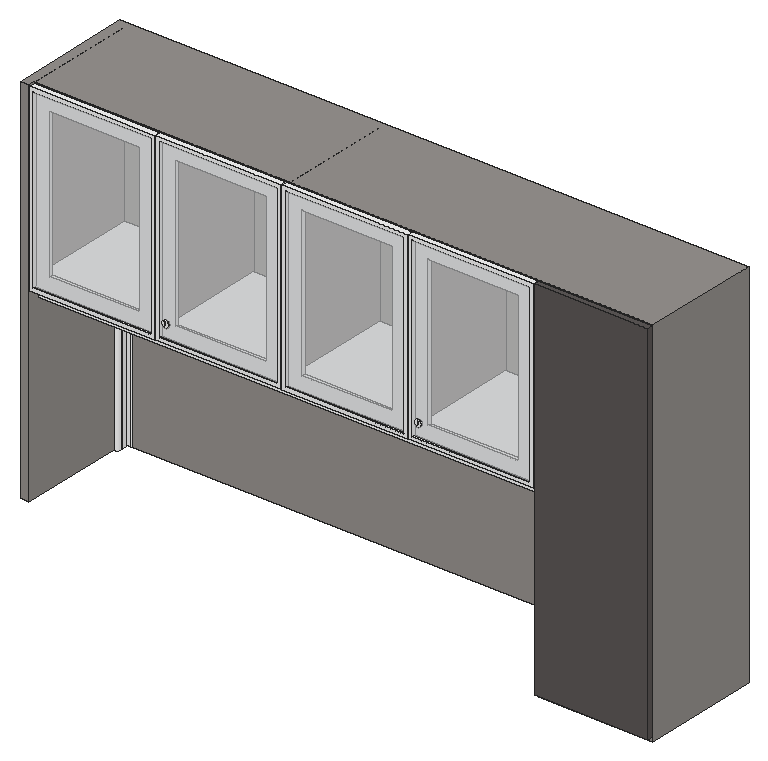
Revit family "Storage-Mounted-Teknion-B_ELG_Single_Tower_Hutch-R2015", category Furniture, Revit 2015 (continued)
Automatic sketch dimensions
  Extrusion 3 sketch curve to Extrusion 3 sketch curve = 0.06565"
  Extrusion 3 sketch curve to plane 11 = 0.41339"
  Extrusion 3 sketch curve to Extrusion 3 sketch curve = 0.22756"
  Extrusion 3 sketch curve to Extrusion 3 sketch curve = 0.12244"
  Extrusion 3 sketch curve to Extrusion 3 sketch curve = 0.36149"
  Extrusion 3 sketch curve to Extrusion 3 sketch curve = 0.08694"
  Extrusion 4 sketch curve to plane 12 = 0.000"
  Extrusion 4 sketch curve to plane 11 = 0.000"
  Extrusion 4 sketch curve to plane 12 = 0.00043"
  plane 12 to Extrusion 4 sketch curve = 0.07874"  (x2)
  Extrusion 4 sketch curve to Extrusion 4 sketch curve = 0.33268"
  Extrusion 4 sketch curve to Extrusion 4 sketch curve = 0.07874"
  Extrusion 4 sketch curve to Extrusion 4 sketch curve = 0.000"
  plane 11 to Extrusion 4 sketch curve = 0.07874"
  Extrusion 4 sketch curve to Extrusion 4 sketch curve = 0.31112"
  Extrusion 4 sketch curve to Extrusion 4 sketch curve = 0.06565"
  plane 11 to Extrusion 4 sketch curve = 0.41339"
  Extrusion 4 sketch curve to Extrusion 4 sketch curve = 0.22756"
  Extrusion 4 sketch curve to Extrusion 4 sketch curve = 0.12244"
  Extrusion 4 sketch curve to Extrusion 4 sketch curve = 0.36149"
  Extrusion 4 sketch curve to Extrusion 4 sketch curve = 0.08694"
  Extrusion 20 sketch curve to plane 13 = 1.96802"
  Extrusion 20 sketch curve to plane 13 = 0.3937"
  curve 50 to plane 14 = 0.000"
  plane 7 "Front" to curve 50 = 0.000"
  curve 51 to curve 19 = 0.00045"
  curve 52 to curve 18 = 0.00045"
  curve 53 to plane 14 = 0.000"
  plane 7 "Front" to curve 53 = 0.000"
  curve 54 to curve 51 = 0.000"
  curve 55 to curve 52 = 0.000"
  plane 7 "Front" to curve 56 = 0.000"
  curve 57 to plane 14 = 0.000"
  plane 7 "Front" to curve 57 = 0.000"
  curve 58 to plane 23 = 0.000"
  plane 7 "Front" to curve 60 = 0.000"
  plane 7 "Front" to curve 61 = 0.000"
  curve 62 to plane 14 = 0.000"
  plane 7 "Front" to curve 62 = 0.000"
  curve 63 to plane 14 = 0.000"
  plane 7 "Front" to curve 63 = 0.000"
  plane 7 "Front" to curve 66 = 0.000"
  plane 7 "Front" to curve 67 = 0.000"
  curve 68 to plane 14 = 0.000"
  plane 7 "Front" to curve 68 = 0.000"
  plane 7 "Front" to curve 69 = 0.000"
  curve 3 to plane 12 = 0.000"
  plane 10 to Extrusion 2 sketch curve = 0.000"
  Masking region 1 sketch curve to plane 4 "Left" = 0.000"
  Masking region 1 sketch curve to plane 10 = 0.000"
  Masking region 1 sketch curve to plane 5 "Right" = 0.000"
  Masking region 1 sketch curve to plane 14 = 0.000"
  plane 6 "Back" to Masking region 1 sketch curve = 0.000"
  plane 7 "Front" to Masking region 1 sketch curve = 0.000"
  Masking region 2 sketch curve to plane 14 = 0.000"
  plane 7 "Front" to Masking region 2 sketch curve = 0.000"
  plane 12 to Masking region 2 sketch curve = 0.05906"
  plane 5 "Right" to Masking region 2 sketch curve = 0.05906"
  curve 63 to curve 66 = 1.5748"
  radius of Extrusion 18 sketch curve = 0.38929"
  radius of Extrusion 19 sketch curve = 0.38929"
  radius of Extrusion 33 sketch curve = 0.400"
  radius of Extrusion 34 sketch curve = 0.400"
  radius of Extrusion 41 sketch curve = 0.39397"
